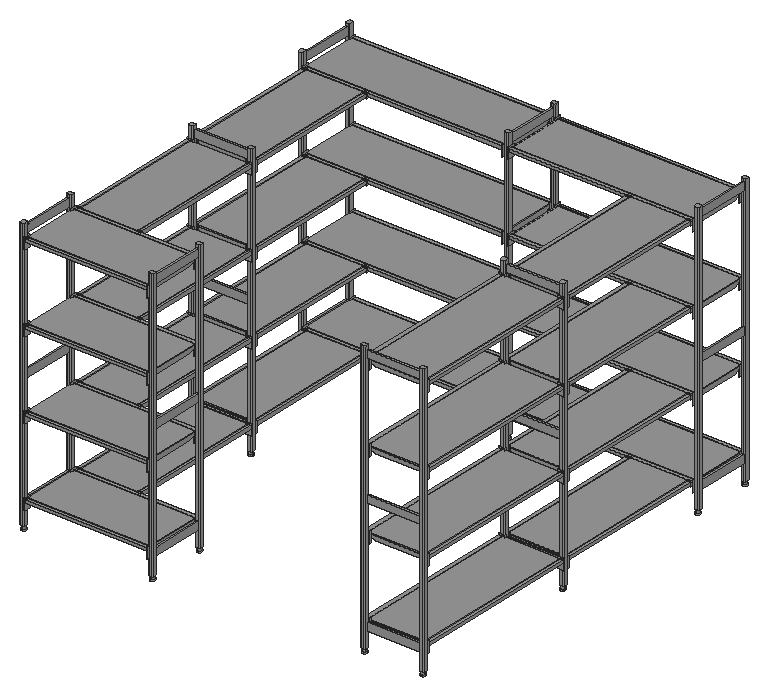
Revit family "QF_ELECTROLUXPROFESSIONAL_137103_CRS2424", category Attrezzature speciali, Revit 2020
Family settings
  Quota connettore circolare = Usa diametro
  Tipo di parte = Normale
  Basato su piano di lavoro = No
  Sempre verticale = Sì
  Taglio con vuoti quando caricato = No
  Condiviso = No
  Punto di calcolo locali = No
Parameters (values of type "Standard")
  Weight = 107.00 kg
  Watts = 0 W
  Volts = 0 V
  URL Manufacturer = "https://www.electroluxprofessional.com/"
  URL = "https://www.electroluxprofessional.com/"
  Steam Supply Size = 0 mm
  Steam Supply Minimum Pressure = 0.0 Pa
  Steam Supply Maximum Pressure = 0.0 Pa
  Steam Consumption per Hour = 0
  Refrigeration Suction Line Size = 0 mm
  Refrigeration Liquid Line Size = 0 mm
  Refrigerant Compressor Remote = yes
  Prospetto di default = 0 mm
  Produttore = "Electrolux Professional"
  Phase = 0
  Modello = "CRS2424"
  Length Actual = 708 mm  # constant formula
  Item Number = "137103"
  Hot Water Size = 0 mm
  Height Actual = 1550 mm  # constant formula
  HP = "0 HP"
  Gas Size = 0 mm
  Gas KW = 0
  Gas Input Pressure = 0 W
  Direct Waste Size = 0 mm
  Descrizione = "ALUM.SHELV.,POLY.TIERS-COLDROOM 243X243"
  Depth Actual = 373 mm  # constant formula
  Cycle = 0 Hz
  Condensate Return Size = 0 mm
  Compressed Air Volume = 0.0 L/s
  Compressed Air Size = 0 mm
  Compressed Air Pressure = 0.0 Pa
  Cold Water Size = 0 mm
  Accessory = yes
Reference planes
  plane 1 "Center (Front/Back)": y = 0
  plane 2: z = 0
  plane 3 "Center (Left/Right)": x = 0
  plane 4: x = -1215
  plane 5: y = 1215
  plane 6: y = -1215
  plane 7: x = 1215
  plane 8: x = -1157
  plane 9: x = 1157
  plane 10: y = 1193
  plane 11: y = -1193
Forms (mm)
  Extrusion 1, solid, material "QF_Clearances", detail levels coarse
    sketch origin (0, 0, 0) x (1, 0, 0) y (0, 1, 0)
      loop
        line (-1215, -1215) -> (1215, -1215) -> (1215, 1215) -> (-1215, 1215) -> (-1215, -1215)
      loop
        line (1157, -1193) -> (1157, 1193) -> (-1157, 1193) -> (-1157, -1193) -> (1157, -1193)
    from 0 to 1590
Lines and regions (mm)
  symbolic lines, style "QF_Clearances"
    curve 1: line (-1215, 1215, 0) -> (-1215, -1215, 0)
    curve 2: line (1215, 1215, 0) -> (-1215, 1215, 0)
    curve 3: line (1215, -1215, 0) -> (1215, 1215, 0)
Dimensions and locks
  equal spacing: plane 5, plane 1 "Center (Front/Back)", plane 6
  plane 5 to plane 6 = 2430 mm
  equal spacing: plane 4, plane 3 "Center (Left/Right)", plane 7
  plane 4 to plane 7 = 2430 mm
  plane 4 to plane 8 = 58 mm  (x2)
  plane 8 to plane 9 = 2314 mm
  plane 11 to plane 6 = 22 mm
  plane 10 to plane 11 = 2386 mm
  Extrusion 1 to nested 3 = 775.5 mm
  aligned and locked: level to plane 2
  aligned and locked: Extrusion 1 sketch curve to plane 4
  aligned and locked: Extrusion 1 sketch curve to plane 5
  aligned and locked: Extrusion 1 sketch curve to plane 7
  aligned and locked: Extrusion 1 sketch curve to plane 8
  aligned and locked: plane 10 to Extrusion 1 sketch curve
  aligned and locked: Extrusion 1 sketch curve to plane 9
  aligned and locked: Extrusion 1 sketch curve to plane 11
  aligned and locked: Extrusion 1 sketch curve to plane 6
Automatic sketch dimensions
  curve 1 to plane 4 = 0 mm
  curve 2 to plane 5 = 0 mm
  curve 2 to plane 7 = 0 mm
  curve 1 to plane 6 = 0 mm
  curve 3 to plane 6 = 0 mm
Nested families
  nested 1: "QF_1152" at (-518, 1170, 0), type "QF_1152"
  nested 2: "QF_1062" at (625, 1170, 0), type "QF_1062"
  nested 3: "QF_708" at (-736.5, -843, 0), type "QF_708"
  nested 4: "QF_798G" at (-905.5, 535.5, 0), type "QF_798G"
  nested 5: "QF_798G" at (-905.5, -535.5, 0), type "QF_798G"
  nested 6: "QF_886G" at (966.5, 447.5, 0), type "QF_886G"
  nested 7: "QF_974" at (772, -562, 0) x (0, 1, 0) z (0, 0, 1), type "QF_974"
Definition of nested family "QF_1152"
  Parameters
    Default Elevation = 0 mm
    Model = "137015"
    Manufacturer = "Electrolux Professional"
    Description = ""
  Reference planes
    plane 1: z = 0
    plane 2 "Center (Left/Right)": x = -31
    plane 3 "LEFT": x = -639
    plane 4 "RIGHT": x = 577
    plane 5 "BACK": y = 23
    plane 6 "FRONT": y = -350
    plane 7 "TOP": z = 1700
    plane 8: x = 572
    plane 9: x = -607
    plane 10: x = 545
    plane 11 "Center (Front/Back)": y = -163.5
    plane 12: x = 540
    plane 13: y = -8.5
    plane 14: y = -318.5
    plane 15 "FEET": z = 25
    plane 16: z = 140
    plane 17: z = 590
    plane 18: z = 1040
    plane 19: z = 1490
    plane 20 "CXLeft": x = -625
    plane 21 "CXRight": x = 563
    plane 22: y = 5.5
    plane 23 "CYBack": y = 5.5
    plane 24 "CYFront": y = -332.5
  Forms (mm)
    Extrusion 1, solid
      sketch origin (-639, 0, 0) x (0, 1, 0) y (0, 0, 1)
        loop
          line (4, 1515.994) -> (4, 1497.998) -> (23, 1497.998) -> (23, 1515.994) -> (4, 1515.994)
        loop
          line (-331, 1515.994) -> (-350, 1515.994) -> (-350, 1497.998) -> (-331, 1497.998) -> (-331, 1515.994)
        loop
          line (4, 1065.994) -> (4, 1047.998) -> (23, 1047.998) -> (23, 1065.994) -> (4, 1065.994)
        loop
          line (-331, 1065.994) -> (-350, 1065.994) -> (-350, 1047.998) -> (-331, 1047.998) -> (-331, 1065.994)
        loop
          line (4, 615.994) -> (4, 597.998) -> (23, 597.998) -> (23, 615.994) -> (4, 615.994)
        loop
          line (-331, 615.994) -> (-350, 615.994) -> (-350, 597.998) -> (-331, 597.998) -> (-331, 615.994)
        loop
          line (4, 165.994) -> (4, 147.998) -> (23, 147.998) -> (23, 165.994) -> (4, 165.994)
        loop
          line (-331, 165.994) -> (-350, 165.994) -> (-350, 147.998) -> (-331, 147.998) -> (-331, 165.994)
      from 32 to 1184
    Extrusion 2, solid
      sketch origin (-639, 0, 135) x (0, 1, 0) y (0, 0, 1)
        loop
          line (2.007, 1380.994) -> (-329, 1380.994) -> (-329, 1374.496) -> (2.007, 1374.496) -> (2.007, 1380.994)
        loop
          line (2.007, 930.994) -> (-329, 930.994) -> (-329, 924.496) -> (2.007, 924.496) -> (2.007, 930.994)
        loop
          line (2.007, 480.994) -> (-329, 480.994) -> (-329, 474.496) -> (2.007, 474.496) -> (2.007, 480.994)
        loop
          line (2.007, 30.994) -> (-329, 30.994) -> (-329, 24.496) -> (2.007, 24.496) -> (2.007, 30.994)
      from 32 to 1184
    Extrusion 3, solid
      sketch origin (577, 0, 135) x (0, 1, 0) y (0, 0, 1)
        loop
          line (-12, 1362.998) -> (4, 1362.998) -> (4, 1380.994) -> (2.007, 1380.994) -> (2.007, 1374.496) -> (-329, 1374.496) -> (-329, 1380.994) -> (-331, 1380.994) -> (-331, 1362.998) -> (-315, 1362.998) -> (-281, 1350.994) -> (-46, 1350.994) -> (-12, 1362.998)
        loop
          line (-12, 912.998) -> (4, 912.998) -> (4, 930.994) -> (2.007, 930.994) -> (2.007, 924.496) -> (-329, 924.496) -> (-329, 930.994) -> (-331, 930.994) -> (-331, 912.998) -> (-315, 912.998) -> (-281, 900.994) -> (-46, 900.994) -> (-12, 912.998)
        loop
          line (-12, 462.998) -> (4, 462.998) -> (4, 480.994) -> (2.007, 480.994) -> (2.007, 474.496) -> (-329, 474.496) -> (-329, 480.994) -> (-331, 480.994) -> (-331, 462.998) -> (-315, 462.998) -> (-281, 450.994) -> (-46, 450.994) -> (-12, 462.998)
        loop
          line (-12, 12.998) -> (4, 12.998) -> (4, 30.994) -> (2.007, 30.994) -> (2.007, 24.496) -> (-329, 24.496) -> (-329, 30.994) -> (-331, 30.994) -> (-331, 12.998) -> (-315, 12.998) -> (-281, 0.994) -> (-46, 0.994) -> (-12, 12.998)
      from -32 to -37
  Lines and regions (mm)
    symbolic lines
      curve 1: line (545, 4, 1700) -> (-607, 4, 1700)
      curve 2: line (-611, 23, 1700) -> (549, 23, 1700)
      curve 3: line (549, 13.246, 1700) -> (555.254, 19.5, 1700)
      curve 4: line (555.254, -8.5, 1700) -> (549, -2.246, 1700)
      curve 5: line (555.254, -318.5, 1700) -> (549, -324.754, 1700)
      curve 6: line (-611, -350, 1700) -> (549, -350, 1700)
      curve 7: line (549, 23, 1700) -> (549, -12.993, 1700)
      curve 8: line (549, -12.993, 1700) -> (545, -12.993, 1700)
      curve 9: line (549, -350, 1700) -> (549, -314.007, 1700)
      curve 10: line (549, -314.007, 1700) -> (545, -314.007, 1700)
      curve 11: line (-607, -12.993, 1700) -> (-607, -314.007, 1700)
      curve 12: line (-607, -331, 1700) -> (545, -331, 1700)
      curve 13: line (545, -12.993, 1700) -> (545, -314.007, 1700)
  Dimensions and locks
    locked: plane 3 "LEFT" to plane 4 "RIGHT" at 1216
    equal spacing: plane 3 "LEFT", plane 2 "Center (Left/Right)", plane 4 "RIGHT"
    locked: plane 7 "TOP" to level at 1700
    locked: plane 5 "BACK" to plane 6 "FRONT" at 373
    locked: plane 4 "RIGHT" to plane 8 at 5
    locked: plane 9 to plane 10 at 1152
    locked: plane 3 "LEFT" to plane 9 at 32
    plane 12 to plane 10 = 5 mm
    locked: plane 13 to plane 14 at 310
    equal spacing: plane 13, plane 11 "Center (Front/Back)", plane 14
    equal spacing: plane 5 "BACK", plane 11 "Center (Front/Back)", plane 6 "FRONT"
    plane 15 "FEET" to level = 25 mm
    plane 7 "TOP" to plane 15 "FEET" = 1675 mm
    plane 17 to plane 16 = 450 mm
    plane 18 to plane 17 = 450 mm
    plane 19 to plane 18 = 450 mm
    locked: plane 3 "LEFT" to plane 20 "CXLeft" at 14
    locked: plane 21 "CXRight" to plane 4 "RIGHT" at 14
    locked: plane 5 "BACK" to plane 23 "CYBack" at 17.5
    locked: plane 24 "CYFront" to plane 6 "FRONT" at 17.5
    plane 16 to level = 140 mm
    plane 17 to level = 590 mm
    plane 18 to level = 1040 mm
    plane 19 to level = 1490 mm
    aligned and locked: level to plane 1
    aligned and locked: plane 9 to Extrusion 2
    aligned and locked: Extrusion 2 to plane 10
    aligned and locked: plane 9 to Extrusion 1
    aligned and locked: Extrusion 1 to plane 10
    aligned and locked: Extrusion 1 sketch curve to Extrusion 1 sketch curve  (x2)
    aligned and locked: Extrusion 3 sketch curve to Extrusion 3 sketch curve  (x3)
    aligned and locked: Extrusion 3 to plane 12
    aligned and locked: Extrusion 3 to plane 10
    aligned and locked: plane 20 "CXLeft" to nested 1
    aligned and locked: plane 21 "CXRight" to nested 2
  Automatic sketch dimensions
    Extrusion 1 sketch curve to plane 6 "FRONT" = 0 mm  (x4)
    Extrusion 1 sketch curve to plane 5 "BACK" = 0 mm  (x4)
    plane 24 "CYFront" to Extrusion 1 sketch curve = 1.5 mm  (x2)
    plane 22 to Extrusion 1 sketch curve = 1.5 mm  (x4)
    plane 16 to Extrusion 1 sketch curve = 7.998 mm  (x2)
    Extrusion 1 sketch curve to Extrusion 1 sketch curve = 17.997 mm  (x8)
    plane 17 to Extrusion 1 sketch curve = 7.998 mm  (x2)
    plane 18 to Extrusion 1 sketch curve = 7.998 mm  (x2)
    plane 19 to Extrusion 1 sketch curve = 7.998 mm  (x2)
    plane 24 "CYFront" to Extrusion 2 sketch curve = 3.5 mm  (x4)
    plane 22 to Extrusion 2 sketch curve = 3.493 mm  (x4)
    plane 16 to Extrusion 2 sketch curve = 19.496 mm
    Extrusion 2 sketch curve to Extrusion 2 sketch curve = 6.499 mm  (x4)
    plane 17 to Extrusion 2 sketch curve = 19.496 mm
    plane 18 to Extrusion 2 sketch curve = 19.496 mm
    plane 19 to Extrusion 2 sketch curve = 19.496 mm
    plane 24 "CYFront" to Extrusion 3 sketch curve = 1.5 mm  (x4)
    Extrusion 3 sketch curve to Extrusion 3 sketch curve = 2 mm
    plane 14 to Extrusion 3 sketch curve = 3.5 mm  (x4)
    Extrusion 3 sketch curve to plane 16 = 4.006 mm
    Extrusion 3 sketch curve to Extrusion 3 sketch curve = 34 mm  (x4)
    Extrusion 3 sketch curve to plane 17 = 4.006 mm
    Extrusion 3 sketch curve to plane 18 = 4.006 mm
    Extrusion 3 sketch curve to plane 19 = 4.006 mm
    Extrusion 3 sketch curve to plane 13 = 37.5 mm  (x4)
    Extrusion 3 sketch curve to plane 13 = 3.5 mm  (x4)
    plane 22 to Extrusion 3 sketch curve = 3.493 mm  (x4)
    plane 22 to Extrusion 3 sketch curve = 1.5 mm  (x4)
    plane 16 to Extrusion 3 sketch curve = 7.998 mm  (x2)
    Extrusion 3 sketch curve to Extrusion 3 sketch curve = 11.498 mm  (x4)
    Extrusion 3 sketch curve to Extrusion 3 sketch curve = 6.499 mm  (x8)
    plane 17 to Extrusion 3 sketch curve = 7.998 mm  (x2)
    plane 18 to Extrusion 3 sketch curve = 7.998 mm  (x2)
    plane 19 to Extrusion 3 sketch curve = 7.998 mm  (x2)
    curve 6 to plane 6 "FRONT" = 0 mm
    curve 12 to plane 9 = 0 mm
    curve 12 to plane 10 = 0 mm
    curve 5 to plane 14 = 0 mm
    curve 11 to plane 9 = 0 mm
    curve 8 to plane 10 = 0 mm
    curve 4 to plane 13 = 0 mm
    curve 1 to plane 9 = 0 mm
    curve 1 to plane 10 = 0 mm
    curve 2 to plane 5 "BACK" = 0 mm
    plane 14 to curve 10 = 4.493 mm
    curve 7 to plane 13 = 4.493 mm
    curve 10 to plane 10 = 4 mm
    curve 7 to plane 10 = 4 mm
    plane 24 "CYFront" to curve 12 = 1.5 mm
    curve 5 to plane 14 = 6.254 mm
    plane 14 to curve 11 = 4.493 mm
    curve 11 to plane 13 = 4.493 mm
    plane 13 to curve 4 = 6.254 mm
    plane 22 to curve 1 = 1.5 mm
    curve 3 to plane 22 = 7.746 mm
    curve 3 to plane 5 "BACK" = 3.5 mm
    curve 5 to curve 9 = 6.254 mm
    curve 3 to curve 2 = 6.254 mm
    curve 4 to curve 7 = 6.254 mm
    plane 9 to curve 2 = 4 mm
    plane 9 to curve 6 = 4 mm
  Nested families
    nested 1: "WT_Anta373B" at (-222, 0, 0), type "WT_Anta373B"
    nested 2: "WT_Anta373B" at (160, 0, 0) x (-1, 0, 0) z (0, 0, 1), type "WT_Anta373B"
  Definition of nested family "WT_Anta373B"
    Parameters
      WidthLeft = A + 64 mm  # 772 mm
      Width = 1606 mm
      Right = WidthLeft / 2  # 386 mm
      Default Elevation = 0 mm
      Left = -WidthLeft / 2  # -386 mm
      Height = 1590 mm
      FEET = 25 mm
      E = 0 mm
      Dint = Depth - 63 mm  # 310 mm
      Dext = Depth - 8 mm  # 365 mm
      Depth = 373 mm
      DX = (WidthLeft - A) / 2  # 32 mm
      B = 798 mm
      A = 708 mm
    Reference planes
      plane 1: z = 0
      plane 2 "LEFT": x = -417
      plane 3 "BACK": y = 23
      plane 4 "FRONT": y = -350
      plane 5 "TOP": z = 1590
      plane 6 "Center (Front/Back)": y = -163.5
      plane 7: y = -8.5
      plane 8: y = -318.5
      plane 9 "FEET": z = 25
      plane 10: z = 140
      plane 11: z = 590
      plane 12: z = 1040
      plane 13: z = 1490
      plane 14 "CXLeft": x = -403
      plane 15: y = 5.5
      plane 16 "CYBack": y = 5.5
      plane 17 "CYFront": y = -332.5
      plane 18: x = -385.031
      plane 19: x = -380.031
    Forms (mm)
      Extrusion 1, solid
        sketch origin (0, 0, 0) x (1, 0, 0) y (0, 1, 0)
          loop
            line (-417, 13.246) -> (-417, -2.246) -> (-410.746, -8.5) -> (-395.254, -8.5) -> (-389, -2.246) -> (-389, 13.246) -> (-395.254, 19.5) -> (-410.746, 19.5) -> (-417, 13.246)
        from 1590 to 25
      Extrusion 2, solid
        sketch origin (-417, 0, 0) x (0, 1, 0) y (0, 0, 1)
          loop
            line (23, 111.005) -> (23, 172.993) -> (-12.993, 172.993) -> (-12.993, 111.005) -> (23, 111.005)
          loop
            line (-350, 111.005) -> (-314.007, 111.005) -> (-314.007, 172.993) -> (-350, 172.993) -> (-350, 111.005)
          loop
            line (23, 561.005) -> (23, 622.993) -> (-12.993, 622.993) -> (-12.993, 561.005) -> (23, 561.005)
          loop
            line (-350, 561.005) -> (-314.007, 561.005) -> (-314.007, 622.993) -> (-350, 622.993) -> (-350, 561.005)
          loop
            line (23, 1011.005) -> (23, 1072.993) -> (-12.993, 1072.993) -> (-12.993, 1011.005) -> (23, 1011.005)
          loop
            line (-350, 1011.005) -> (-314.007, 1011.005) -> (-314.007, 1072.993) -> (-350, 1072.993) -> (-350, 1011.005)
          loop
            line (23, 1461.005) -> (23, 1522.993) -> (-12.993, 1522.993) -> (-12.993, 1461.005) -> (23, 1461.005)
          loop
            line (-350, 1461.005) -> (-314.007, 1461.005) -> (-314.007, 1522.993) -> (-350, 1522.993) -> (-350, 1461.005)
        from 28 to 32
      Revolve 3, solid
        sketch origin (-403, 0, 0) x (0, 1, 0) y (0, 0, 1)
          loop
            line (5.5, 25) -> (5.5, 0) -> (19, 0) -> (19, 5) -> (14, 5) -> (14, 25) -> (5.5, 25)
          axis (5.5, 25) -> (5.5, 0)
        angle from 0 to 360
      Extrusion 4, solid
        sketch origin (-403, 0, 0) x (0, 1, 0) y (0, 0, 1)
          loop
            line (-8.5, 777.382) -> (-8.5, 822.374) -> (-318.5, 822.374) -> (-318.5, 777.382) -> (-8.5, 777.382)
          loop
            line (-8.5, 1527.244) -> (-8.5, 1572.236) -> (-318.5, 1572.236) -> (-318.5, 1527.244) -> (-8.5, 1527.244)
        from -5 to 5
      Revolve 5, solid
        sketch origin (-403, -627, 0) x (0, -1, 0) y (0, 0, 1)
          loop
            line (-294.5, 25) -> (-294.5, 0) -> (-281, 0) -> (-281, 5) -> (-286, 5) -> (-286, 25) -> (-294.5, 25)
          axis (-294.5, 25) -> (-294.5, 0)
        angle from 0 to 360
      Extrusion 6, solid
        sketch origin (0, -627, 0) x (1, 0, 0) y (0, 1, 0)
          loop
            line (-417, 286.754) -> (-410.746, 280.5) -> (-395.254, 280.5) -> (-389, 286.754) -> (-389, 302.246) -> (-395.254, 308.5) -> (-410.746, 308.5) -> (-417, 302.246) -> (-417, 286.754)
        from 1590 to 25
      Extrusion 7, solid
        sketch origin (-417.031, -0.022, 0) x (0, 1, 0) y (0, 0, -1)
          loop
            line (-12, -1497.998) -> (-46, -1485.994) -> (-281, -1485.994) -> (-315, -1497.998) -> (-331, -1497.998) -> (-331, -1515.994) -> (-329, -1515.994) -> (-329, -1509.496) -> (2.007, -1509.496) -> (2.007, -1515.994) -> (4, -1515.994) -> (4, -1497.998) -> (-12, -1497.998)
          loop
            line (-12, -1047.998) -> (-46, -1035.994) -> (-281, -1035.994) -> (-315, -1047.998) -> (-331, -1047.998) -> (-331, -1065.994) -> (-329, -1065.994) -> (-329, -1059.496) -> (2.007, -1059.496) -> (2.007, -1065.994) -> (4, -1065.994) -> (4, -1047.998) -> (-12, -1047.998)
          loop
            line (-12, -597.998) -> (-46, -585.994) -> (-281, -585.994) -> (-315, -597.998) -> (-331, -597.998) -> (-331, -615.994) -> (-329, -615.994) -> (-329, -609.496) -> (2.007, -609.496) -> (2.007, -615.994) -> (4, -615.994) -> (4, -597.998) -> (-12, -597.998)
          loop
            line (-12, -147.998) -> (-46, -135.994) -> (-281, -135.994) -> (-315, -147.998) -> (-331, -147.998) -> (-331, -165.994) -> (-329, -165.994) -> (-329, -159.496) -> (2.007, -159.496) -> (2.007, -165.994) -> (4, -165.994) -> (4, -147.998) -> (-12, -147.998)
        from -32 to -37
      Extrusion 8, solid
        sketch origin (-403, 0, -659.878) x (0, 1, 0) y (0, 0, 1)
          loop
            line (-8.5, 777.382) -> (-8.5, 822.374) -> (-318.5, 822.374) -> (-318.5, 777.382) -> (-8.5, 777.382)
          loop
            line (-8.5, 1437.382) -> (-8.5, 1482.374) -> (-318.5, 1482.374) -> (-318.5, 1437.382) -> (-8.5, 1437.382)
          loop
            line (-8.5, 2187.382) -> (-8.5, 2232.374) -> (-318.5, 2232.374) -> (-318.5, 2187.382) -> (-8.5, 2187.382)
        from -5 to 5
    Lines and regions (mm)
      symbolic lines
        curve 1: line (-408, -8.5, 1590) -> (-408, -318.5, 1590)
        curve 2: line (-398, -318.5, 1590) -> (-398, -8.5, 1590)
        curve 3: line (-395.254, -8.5, 1590) -> (-410.746, -8.5, 1590)
        curve 4: line (-417, -2.246, 1590) -> (-410.746, -8.5, 1590)
        curve 5: line (-417, 13.246, 1590) -> (-417, -2.246, 1590)
        curve 6: line (-410.746, 19.5, 1590) -> (-417, 13.246, 1590)
        curve 7: line (-395.254, 19.5, 1590) -> (-410.746, 19.5, 1590)
        curve 8: line (-389, 13.246, 1590) -> (-395.254, 19.5, 1590)
        curve 9: line (-395.254, -8.5, 1590) -> (-389, -2.246, 1590)
        curve 10: line (-395.254, -318.5, 1590) -> (-410.746, -318.5, 1590)
        curve 11: line (-417, -324.754, 1590) -> (-410.746, -318.5, 1590)
        curve 12: line (-410.746, -346.5, 1590) -> (-417, -340.246, 1590)
        curve 13: line (-395.254, -346.5, 1590) -> (-410.746, -346.5, 1590)
        curve 14: line (-389, -340.246, 1590) -> (-395.254, -346.5, 1590)
        curve 15: line (-395.254, -318.5, 1590) -> (-389, -324.754, 1590)
        curve 16: line (-389, -350, 1590) -> (-389, -314.007, 1590)
        curve 17: line (-389, -314.007, 1590) -> (-385, -314.007, 1590)
        curve 18: line (-389, 23, 1590) -> (-389, -12.993, 1590)
        curve 19: line (-389, -12.993, 1590) -> (-385, -12.993, 1590)
        curve 20: line (-417, -324.754, 1590) -> (-417, -340.246, 1590)
        curve 21: line (-385, -350, 1590) -> (-385, -314.007, 1590)
        curve 22: line (-385, -350, 1590) -> (-389, -350, 1590)
        curve 23: line (-385, 23, 1590) -> (-389, 23, 1590)
        curve 24: line (-385, -12.993, 1590) -> (-385, 23, 1590)
        curve 25: line (-385.031, -13.016, 1725) -> (-385.031, -314.029, 1725)
    Dimensions and locks
      "Depth": plane 3 "BACK" to plane 4 "FRONT"
      "Dint": plane 7 to plane 8
      equal spacing: plane 7, plane 6 "Center (Front/Back)", plane 8
      equal spacing: plane 3 "BACK", plane 6 "Center (Front/Back)", plane 4 "FRONT"
      plane 9 "FEET" to level = 25 mm
      plane 10 to plane 9 "FEET" = 115 mm
      plane 11 to plane 10 = 450 mm
      plane 12 to plane 11 = 450 mm
      plane 13 to plane 12 = 450 mm
      locked: plane 2 "LEFT" to plane 14 "CXLeft" at 14
      locked: plane 3 "BACK" to plane 16 "CYBack" at 17.5
      locked: plane 17 "CYFront" to plane 4 "FRONT" at 17.5
      locked: Revolve 3 sketch curve to Revolve 3 sketch curve at 8.5
      locked: Revolve 3 sketch curve to plane 16 "CYBack" at 13.5
      locked: Revolve 5 sketch curve to Revolve 5 sketch curve at 8.5
      plane 10 to level = 140 mm
      plane 11 to level = 590 mm
      plane 12 to level = 1040 mm
      plane 13 to level = 1490 mm
      "Height": plane 5 "TOP" to level
      aligned and locked: level to plane 1
      aligned and locked: curve 20 to Extrusion 6
      aligned and locked: plane 5 "TOP" to Extrusion 1
      aligned and locked: plane 5 "TOP" to Extrusion 6
      aligned and locked: Extrusion 7 sketch curve to Extrusion 7 sketch curve  (x3)
    Automatic sketch dimensions
      curve 16 to plane 4 "FRONT" = 0 mm
      curve 11 to plane 8 = 0 mm
      curve 9 to plane 7 = 0 mm
      curve 5 to plane 2 "LEFT" = 0 mm
      curve 23 to plane 3 "BACK" = 0 mm
      plane 4 "FRONT" to curve 13 = 3.5 mm
      curve 20 to plane 17 "CYFront" = 7.746 mm
      curve 20 to plane 8 = 6.254 mm
      plane 8 to curve 16 = 4.493 mm
      curve 24 to plane 18 = 0.031 mm
      curve 24 to plane 7 = 4.493 mm
      plane 7 to curve 5 = 6.254 mm
      curve 5 to plane 15 = 7.746 mm
      curve 6 to plane 3 "BACK" = 3.5 mm
      curve 21 to plane 18 = 0.031 mm
      plane 18 to curve 23 = 3.969 mm
      plane 18 to curve 16 = 3.969 mm
      curve 18 to curve 8 = 6.254 mm
      curve 18 to curve 3 = 6.254 mm
      curve 16 to curve 13 = 6.254 mm
      curve 16 to curve 15 = 6.254 mm
      plane 2 "LEFT" to curve 10 = 6.254 mm
      plane 2 "LEFT" to curve 7 = 6.254 mm
      plane 2 "LEFT" to curve 12 = 6.254 mm
      plane 2 "LEFT" to curve 3 = 6.254 mm
      curve 14 to plane 17 "CYFront" = 7.746 mm
      curve 15 to plane 8 = 6.254 mm
      plane 7 to curve 9 = 6.254 mm
      curve 8 to plane 15 = 7.746 mm
      curve 3 to curve 2 = 2.746 mm
      curve 1 to curve 10 = 2.746 mm
      Extrusion 1 sketch curve to plane 2 "LEFT" = 0 mm
      Extrusion 1 sketch curve to plane 7 = 0 mm
      plane 2 "LEFT" to Extrusion 1 sketch curve = 6.254 mm  (x2)
      plane 14 "CXLeft" to Extrusion 1 sketch curve = 7.746 mm  (x2)
      Extrusion 1 sketch curve to plane 3 "BACK" = 3.5 mm
      plane 18 to Extrusion 1 sketch curve = 3.969 mm
      plane 7 to Extrusion 1 sketch curve = 6.254 mm  (x2)
      Extrusion 1 sketch curve to plane 15 = 7.746 mm  (x2)
      Extrusion 2 sketch curve to plane 4 "FRONT" = 0 mm  (x4)
      Extrusion 2 sketch curve to plane 3 "BACK" = 0 mm  (x4)
      plane 8 to Extrusion 2 sketch curve = 4.493 mm  (x4)
      Extrusion 2 sketch curve to plane 7 = 4.493 mm  (x4)
      Extrusion 2 sketch curve to plane 10 = 28.995 mm  (x2)
      plane 10 to Extrusion 2 sketch curve = 32.993 mm  (x2)
      Extrusion 2 sketch curve to plane 11 = 28.995 mm  (x2)
      plane 11 to Extrusion 2 sketch curve = 32.993 mm  (x2)
      Extrusion 2 sketch curve to plane 12 = 28.995 mm  (x2)
      plane 12 to Extrusion 2 sketch curve = 32.993 mm  (x2)
      Extrusion 2 sketch curve to plane 13 = 28.995 mm  (x2)
      plane 13 to Extrusion 2 sketch curve = 32.993 mm  (x2)
      Revolve 3 sketch curve to plane 9 "FEET" = 0 mm  (x2)
      Revolve 3 sketch curve to plane 15 = 0 mm  (x2)
      Revolve 3 sketch curve to level = 0 mm
      level to Revolve 3 sketch curve = 5 mm
      Revolve 3 sketch curve to Revolve 3 sketch curve = 11.655 mm
      Extrusion 4 sketch curve to plane 8 = 0 mm  (x2)
      Extrusion 4 sketch curve to plane 7 = 0 mm  (x2)
      plane 11 to Extrusion 4 sketch curve = 187.382 mm
      Extrusion 4 sketch curve to Extrusion 4 sketch curve = 44.992 mm
      plane 13 to Extrusion 4 sketch curve = 37.244 mm
      Extrusion 4 sketch curve to plane 5 "TOP" = 17.764 mm
      Revolve 5 sketch curve to plane 9 "FEET" = 0 mm  (x2)
      Revolve 5 sketch curve to plane 17 "CYFront" = 0 mm  (x2)
      Revolve 5 sketch curve to level = 0 mm
      Revolve 5 sketch curve to plane 4 "FRONT" = 4 mm
      Revolve 5 sketch curve to Revolve 5 sketch curve = 5 mm
      level to Revolve 5 sketch curve = 11.655 mm
      Extrusion 6 sketch curve to plane 2 "LEFT" = 0 mm
      Extrusion 6 sketch curve to plane 8 = 0 mm
      Extrusion 6 sketch curve to plane 2 "LEFT" = 6.254 mm  (x2)
      Extrusion 6 sketch curve to plane 14 "CXLeft" = 7.746 mm  (x2)
      Extrusion 6 sketch curve to plane 4 "FRONT" = 3.5 mm
      Extrusion 6 sketch curve to plane 18 = 3.969 mm
      plane 8 to Extrusion 6 sketch curve = 6.254 mm  (x2)
      plane 17 "CYFront" to Extrusion 6 sketch curve = 7.746 mm  (x2)
      plane 17 "CYFront" to Extrusion 7 sketch curve = 1.478 mm  (x4)
      Extrusion 7 sketch curve to Extrusion 7 sketch curve = 2 mm
      plane 8 to Extrusion 7 sketch curve = 3.478 mm  (x4)
      Extrusion 7 sketch curve to plane 10 = 4.006 mm
      Extrusion 7 sketch curve to Extrusion 7 sketch curve = 34 mm  (x4)
      Extrusion 7 sketch curve to plane 11 = 4.006 mm
      Extrusion 7 sketch curve to plane 12 = 4.006 mm
      Extrusion 7 sketch curve to plane 13 = 4.006 mm
      Extrusion 7 sketch curve to plane 7 = 37.522 mm  (x4)
      Extrusion 7 sketch curve to plane 7 = 3.522 mm  (x4)
      plane 15 to Extrusion 7 sketch curve = 3.516 mm  (x4)
      plane 15 to Extrusion 7 sketch curve = 1.522 mm  (x4)
      plane 13 to Extrusion 7 sketch curve = 7.998 mm  (x2)
      Extrusion 7 sketch curve to Extrusion 7 sketch curve = 11.498 mm
      Extrusion 7 sketch curve to Extrusion 7 sketch curve = 6.499 mm  (x5)
      plane 12 to Extrusion 7 sketch curve = 25.994 mm  (x2)
      plane 12 to Extrusion 7 sketch curve = 7.998 mm  (x2)
      plane 11 to Extrusion 7 sketch curve = 25.994 mm  (x2)
      plane 11 to Extrusion 7 sketch curve = 7.998 mm  (x2)
      plane 10 to Extrusion 7 sketch curve = 25.994 mm  (x2)
      plane 10 to Extrusion 7 sketch curve = 7.998 mm  (x2)
      curve 25 to plane 18 = 0 mm
      plane 8 to curve 25 = 4.471 mm
      curve 25 to plane 7 = 4.516 mm
      Extrusion 8 sketch curve to plane 8 = 0 mm  (x3)
      Extrusion 8 sketch curve to plane 7 = 0 mm  (x3)
      Extrusion 8 sketch curve to plane 10 = 22.496 mm
      plane 10 to Extrusion 8 sketch curve = 22.496 mm
      plane 11 to Extrusion 8 sketch curve = 187.504 mm
      Extrusion 8 sketch curve to Extrusion 8 sketch curve = 44.992 mm
      plane 13 to Extrusion 8 sketch curve = 37.504 mm
      Extrusion 8 sketch curve to plane 5 "TOP" = 17.504 mm
Definition of nested family "QF_1062"
  Parameters
    Default Elevation = 0 mm
    Model = "137014"
    Manufacturer = "Electrolux Professional"
    Description = ""
  Reference planes
    plane 1: z = 0
    plane 2 "Center (Left/Right)": x = -31
    plane 3 "LEFT": x = -594
    plane 4 "RIGHT": x = 532
    plane 5 "BACK": y = 23
    plane 6 "FRONT": y = -350
    plane 7 "TOP": z = 1700
    plane 8: x = 527
    plane 9: x = -562
    plane 10: x = 500
    plane 11 "Center (Front/Back)": y = -163.5
    plane 12: x = 495
    plane 13: y = -8.5
    plane 14: y = -318.5
    plane 15 "FEET": z = 25
    plane 16: z = 140
    plane 17: z = 590
    plane 18: z = 1040
    plane 19: z = 1490
    plane 20 "CXLeft": x = -580
    plane 21 "CXRight": x = 518
    plane 22: y = 5.5
    plane 23 "CYBack": y = 5.5
    plane 24 "CYFront": y = -332.5
  Forms (mm)
    Extrusion 1, solid
      sketch origin (-594, 0, 0) x (0, 1, 0) y (0, 0, 1)
        loop
          line (4, 1515.994) -> (4, 1497.998) -> (23, 1497.998) -> (23, 1515.994) -> (4, 1515.994)
        loop
          line (-331, 1515.994) -> (-350, 1515.994) -> (-350, 1497.998) -> (-331, 1497.998) -> (-331, 1515.994)
        loop
          line (4, 1065.994) -> (4, 1047.998) -> (23, 1047.998) -> (23, 1065.994) -> (4, 1065.994)
        loop
          line (-331, 1065.994) -> (-350, 1065.994) -> (-350, 1047.998) -> (-331, 1047.998) -> (-331, 1065.994)
        loop
          line (4, 615.994) -> (4, 597.998) -> (23, 597.998) -> (23, 615.994) -> (4, 615.994)
        loop
          line (-331, 615.994) -> (-350, 615.994) -> (-350, 597.998) -> (-331, 597.998) -> (-331, 615.994)
        loop
          line (4, 165.994) -> (4, 147.998) -> (23, 147.998) -> (23, 165.994) -> (4, 165.994)
        loop
          line (-331, 165.994) -> (-350, 165.994) -> (-350, 147.998) -> (-331, 147.998) -> (-331, 165.994)
      from 32 to 1094
    Extrusion 2, solid
      sketch origin (-594, 0, 135) x (0, 1, 0) y (0, 0, 1)
        loop
          line (2.007, 1380.994) -> (-329, 1380.994) -> (-329, 1374.496) -> (2.007, 1374.496) -> (2.007, 1380.994)
        loop
          line (2.007, 930.994) -> (-329, 930.994) -> (-329, 924.496) -> (2.007, 924.496) -> (2.007, 930.994)
        loop
          line (2.007, 480.994) -> (-329, 480.994) -> (-329, 474.496) -> (2.007, 474.496) -> (2.007, 480.994)
        loop
          line (2.007, 30.994) -> (-329, 30.994) -> (-329, 24.496) -> (2.007, 24.496) -> (2.007, 30.994)
      from 32 to 1094
    Extrusion 3, solid
      sketch origin (532, 0, 135) x (0, 1, 0) y (0, 0, 1)
        loop
          line (-12, 1362.998) -> (4, 1362.998) -> (4, 1380.994) -> (2.007, 1380.994) -> (2.007, 1374.496) -> (-329, 1374.496) -> (-329, 1380.994) -> (-331, 1380.994) -> (-331, 1362.998) -> (-315, 1362.998) -> (-281, 1350.994) -> (-46, 1350.994) -> (-12, 1362.998)
        loop
          line (-12, 912.998) -> (4, 912.998) -> (4, 930.994) -> (2.007, 930.994) -> (2.007, 924.496) -> (-329, 924.496) -> (-329, 930.994) -> (-331, 930.994) -> (-331, 912.998) -> (-315, 912.998) -> (-281, 900.994) -> (-46, 900.994) -> (-12, 912.998)
        loop
          line (-12, 462.998) -> (4, 462.998) -> (4, 480.994) -> (2.007, 480.994) -> (2.007, 474.496) -> (-329, 474.496) -> (-329, 480.994) -> (-331, 480.994) -> (-331, 462.998) -> (-315, 462.998) -> (-281, 450.994) -> (-46, 450.994) -> (-12, 462.998)
        loop
          line (-12, 12.998) -> (4, 12.998) -> (4, 30.994) -> (2.007, 30.994) -> (2.007, 24.496) -> (-329, 24.496) -> (-329, 30.994) -> (-331, 30.994) -> (-331, 12.998) -> (-315, 12.998) -> (-281, 0.994) -> (-46, 0.994) -> (-12, 12.998)
      from -32 to -37
  Lines and regions (mm)
    symbolic lines
      curve 1: line (500, 4, 1700) -> (-562, 4, 1700)
      curve 2: line (-566, 23, 1700) -> (504, 23, 1700)
      curve 3: line (504, 13.246, 1700) -> (510.254, 19.5, 1700)
      curve 4: line (510.254, -8.5, 1700) -> (504, -2.246, 1700)
      curve 5: line (510.254, -318.5, 1700) -> (504, -324.754, 1700)
      curve 6: line (-566, -350, 1700) -> (504, -350, 1700)
      curve 7: line (504, 23, 1700) -> (504, -12.993, 1700)
      curve 8: line (504, -12.993, 1700) -> (500, -12.993, 1700)
      curve 9: line (504, -350, 1700) -> (504, -314.007, 1700)
      curve 10: line (504, -314.007, 1700) -> (500, -314.007, 1700)
      curve 11: line (-562, -12.993, 1700) -> (-562, -314.007, 1700)
      curve 12: line (-562, -331, 1700) -> (500, -331, 1700)
      curve 13: line (500, -12.993, 1700) -> (500, -314.007, 1700)
  Dimensions and locks
    locked: plane 3 "LEFT" to plane 4 "RIGHT" at 1126
    equal spacing: plane 3 "LEFT", plane 2 "Center (Left/Right)", plane 4 "RIGHT"
    locked: plane 7 "TOP" to level at 1700
    locked: plane 5 "BACK" to plane 6 "FRONT" at 373
    locked: plane 4 "RIGHT" to plane 8 at 5
    locked: plane 9 to plane 10 at 1062
    locked: plane 3 "LEFT" to plane 9 at 32
    plane 12 to plane 10 = 5 mm
    locked: plane 13 to plane 14 at 310
    equal spacing: plane 13, plane 11 "Center (Front/Back)", plane 14
    equal spacing: plane 5 "BACK", plane 11 "Center (Front/Back)", plane 6 "FRONT"
    plane 15 "FEET" to level = 25 mm
    plane 7 "TOP" to plane 15 "FEET" = 1675 mm
    plane 17 to plane 16 = 450 mm
    plane 18 to plane 17 = 450 mm
    plane 19 to plane 18 = 450 mm
    locked: plane 3 "LEFT" to plane 20 "CXLeft" at 14
    locked: plane 21 "CXRight" to plane 4 "RIGHT" at 14
    locked: plane 5 "BACK" to plane 23 "CYBack" at 17.5
    locked: plane 24 "CYFront" to plane 6 "FRONT" at 17.5
    plane 16 to level = 140 mm
    plane 17 to level = 590 mm
    plane 18 to level = 1040 mm
    plane 19 to level = 1490 mm
    aligned and locked: level to plane 1
    aligned and locked: plane 9 to Extrusion 2
    aligned and locked: Extrusion 2 to plane 10
    aligned and locked: plane 9 to Extrusion 1
    aligned and locked: Extrusion 1 to plane 10
    aligned and locked: Extrusion 1 sketch curve to Extrusion 1 sketch curve  (x2)
    aligned and locked: Extrusion 3 sketch curve to Extrusion 3 sketch curve  (x3)
    aligned and locked: Extrusion 3 to plane 12
    aligned and locked: Extrusion 3 to plane 10
    aligned and locked: plane 20 "CXLeft" to nested 1
    aligned and locked: plane 21 "CXRight" to nested 2
  Automatic sketch dimensions
    Extrusion 1 sketch curve to plane 6 "FRONT" = 0 mm  (x4)
    Extrusion 1 sketch curve to plane 5 "BACK" = 0 mm  (x4)
    plane 24 "CYFront" to Extrusion 1 sketch curve = 1.5 mm  (x2)
    plane 22 to Extrusion 1 sketch curve = 1.5 mm  (x4)
    plane 16 to Extrusion 1 sketch curve = 7.998 mm  (x2)
    Extrusion 1 sketch curve to Extrusion 1 sketch curve = 17.997 mm  (x8)
    plane 17 to Extrusion 1 sketch curve = 7.998 mm  (x2)
    plane 18 to Extrusion 1 sketch curve = 7.998 mm  (x2)
    plane 19 to Extrusion 1 sketch curve = 7.998 mm  (x2)
    plane 24 "CYFront" to Extrusion 2 sketch curve = 3.5 mm  (x4)
    plane 22 to Extrusion 2 sketch curve = 3.493 mm  (x4)
    plane 16 to Extrusion 2 sketch curve = 19.496 mm
    Extrusion 2 sketch curve to Extrusion 2 sketch curve = 6.499 mm  (x4)
    plane 17 to Extrusion 2 sketch curve = 19.496 mm
    plane 18 to Extrusion 2 sketch curve = 19.496 mm
    plane 19 to Extrusion 2 sketch curve = 19.496 mm
    plane 24 "CYFront" to Extrusion 3 sketch curve = 1.5 mm  (x4)
    Extrusion 3 sketch curve to Extrusion 3 sketch curve = 2 mm
    plane 14 to Extrusion 3 sketch curve = 3.5 mm  (x4)
    Extrusion 3 sketch curve to plane 16 = 4.006 mm
    Extrusion 3 sketch curve to Extrusion 3 sketch curve = 34 mm  (x4)
    Extrusion 3 sketch curve to plane 17 = 4.006 mm
    Extrusion 3 sketch curve to plane 18 = 4.006 mm
    Extrusion 3 sketch curve to plane 19 = 4.006 mm
    Extrusion 3 sketch curve to plane 13 = 37.5 mm  (x4)
    Extrusion 3 sketch curve to plane 13 = 3.5 mm  (x4)
    plane 22 to Extrusion 3 sketch curve = 3.493 mm  (x4)
    plane 22 to Extrusion 3 sketch curve = 1.5 mm  (x4)
    plane 16 to Extrusion 3 sketch curve = 7.998 mm  (x2)
    Extrusion 3 sketch curve to Extrusion 3 sketch curve = 11.498 mm  (x4)
    Extrusion 3 sketch curve to Extrusion 3 sketch curve = 6.499 mm  (x8)
    plane 17 to Extrusion 3 sketch curve = 7.998 mm  (x2)
    plane 18 to Extrusion 3 sketch curve = 7.998 mm  (x2)
    plane 19 to Extrusion 3 sketch curve = 7.998 mm  (x2)
    curve 6 to plane 6 "FRONT" = 0 mm
    curve 12 to plane 9 = 0 mm
    curve 12 to plane 10 = 0 mm
    curve 5 to plane 14 = 0 mm
    curve 11 to plane 9 = 0 mm
    curve 8 to plane 10 = 0 mm
    curve 4 to plane 13 = 0 mm
    curve 1 to plane 9 = 0 mm
    curve 1 to plane 10 = 0 mm
    curve 2 to plane 5 "BACK" = 0 mm
    plane 14 to curve 10 = 4.493 mm
    curve 7 to plane 13 = 4.493 mm
    curve 10 to plane 10 = 4 mm
    curve 7 to plane 10 = 4 mm
    plane 24 "CYFront" to curve 12 = 1.5 mm
    curve 5 to plane 14 = 6.254 mm
    plane 14 to curve 11 = 4.493 mm
    curve 11 to plane 13 = 4.493 mm
    plane 13 to curve 4 = 6.254 mm
    plane 22 to curve 1 = 1.5 mm
    curve 3 to plane 22 = 7.746 mm
    curve 3 to plane 5 "BACK" = 3.5 mm
    curve 5 to curve 9 = 6.254 mm
    curve 3 to curve 2 = 6.254 mm
    curve 4 to curve 7 = 6.254 mm
    plane 9 to curve 2 = 4 mm
    plane 9 to curve 6 = 4 mm
  Nested families
    nested 1: "WT_Anta373B" at (-177, 0, 0), type "WT_Anta373B"
    nested 2: "WT_Anta373B" at (115, 0, 0) x (-1, 0, 0) z (0, 0, 1), type "WT_Anta373B"
  Definition of nested family "WT_Anta373B"
    Parameters
      WidthLeft = A + 64 mm  # 772 mm
      Width = 1606 mm
      Right = WidthLeft / 2  # 386 mm
      Default Elevation = 0 mm
      Left = -WidthLeft / 2  # -386 mm
      Height = 1590 mm
      FEET = 25 mm
      E = 0 mm
      Dint = Depth - 63 mm  # 310 mm
      Dext = Depth - 8 mm  # 365 mm
      Depth = 373 mm
      DX = (WidthLeft - A) / 2  # 32 mm
      B = 798 mm
      A = 708 mm
    Reference planes
      plane 1: z = 0
      plane 2 "LEFT": x = -417
      plane 3 "BACK": y = 23
      plane 4 "FRONT": y = -350
      plane 5 "TOP": z = 1590
      plane 6 "Center (Front/Back)": y = -163.5
      plane 7: y = -8.5
      plane 8: y = -318.5
      plane 9 "FEET": z = 25
      plane 10: z = 140
      plane 11: z = 590
      plane 12: z = 1040
      plane 13: z = 1490
      plane 14 "CXLeft": x = -403
      plane 15: y = 5.5
      plane 16 "CYBack": y = 5.5
      plane 17 "CYFront": y = -332.5
      plane 18: x = -385.031
      plane 19: x = -380.031
    Forms (mm)
      Extrusion 1, solid
        sketch origin (0, 0, 0) x (1, 0, 0) y (0, 1, 0)
          loop
            line (-417, 13.246) -> (-417, -2.246) -> (-410.746, -8.5) -> (-395.254, -8.5) -> (-389, -2.246) -> (-389, 13.246) -> (-395.254, 19.5) -> (-410.746, 19.5) -> (-417, 13.246)
        from 1590 to 25
      Extrusion 2, solid
        sketch origin (-417, 0, 0) x (0, 1, 0) y (0, 0, 1)
          loop
            line (23, 111.005) -> (23, 172.993) -> (-12.993, 172.993) -> (-12.993, 111.005) -> (23, 111.005)
          loop
            line (-350, 111.005) -> (-314.007, 111.005) -> (-314.007, 172.993) -> (-350, 172.993) -> (-350, 111.005)
          loop
            line (23, 561.005) -> (23, 622.993) -> (-12.993, 622.993) -> (-12.993, 561.005) -> (23, 561.005)
          loop
            line (-350, 561.005) -> (-314.007, 561.005) -> (-314.007, 622.993) -> (-350, 622.993) -> (-350, 561.005)
          loop
            line (23, 1011.005) -> (23, 1072.993) -> (-12.993, 1072.993) -> (-12.993, 1011.005) -> (23, 1011.005)
          loop
            line (-350, 1011.005) -> (-314.007, 1011.005) -> (-314.007, 1072.993) -> (-350, 1072.993) -> (-350, 1011.005)
          loop
            line (23, 1461.005) -> (23, 1522.993) -> (-12.993, 1522.993) -> (-12.993, 1461.005) -> (23, 1461.005)
          loop
            line (-350, 1461.005) -> (-314.007, 1461.005) -> (-314.007, 1522.993) -> (-350, 1522.993) -> (-350, 1461.005)
        from 28 to 32
      Revolve 3, solid
        sketch origin (-403, 0, 0) x (0, 1, 0) y (0, 0, 1)
          loop
            line (5.5, 25) -> (5.5, 0) -> (19, 0) -> (19, 5) -> (14, 5) -> (14, 25) -> (5.5, 25)
          axis (5.5, 25) -> (5.5, 0)
        angle from 0 to 360
      Extrusion 4, solid
        sketch origin (-403, 0, 0) x (0, 1, 0) y (0, 0, 1)
          loop
            line (-8.5, 777.382) -> (-8.5, 822.374) -> (-318.5, 822.374) -> (-318.5, 777.382) -> (-8.5, 777.382)
          loop
            line (-8.5, 1527.244) -> (-8.5, 1572.236) -> (-318.5, 1572.236) -> (-318.5, 1527.244) -> (-8.5, 1527.244)
        from -5 to 5
      Revolve 5, solid
        sketch origin (-403, -627, 0) x (0, -1, 0) y (0, 0, 1)
          loop
            line (-294.5, 25) -> (-294.5, 0) -> (-281, 0) -> (-281, 5) -> (-286, 5) -> (-286, 25) -> (-294.5, 25)
          axis (-294.5, 25) -> (-294.5, 0)
        angle from 0 to 360
      Extrusion 6, solid
        sketch origin (0, -627, 0) x (1, 0, 0) y (0, 1, 0)
          loop
            line (-417, 286.754) -> (-410.746, 280.5) -> (-395.254, 280.5) -> (-389, 286.754) -> (-389, 302.246) -> (-395.254, 308.5) -> (-410.746, 308.5) -> (-417, 302.246) -> (-417, 286.754)
        from 1590 to 25
      Extrusion 7, solid
        sketch origin (-417.031, -0.022, 0) x (0, 1, 0) y (0, 0, -1)
          loop
            line (-12, -1497.998) -> (-46, -1485.994) -> (-281, -1485.994) -> (-315, -1497.998) -> (-331, -1497.998) -> (-331, -1515.994) -> (-329, -1515.994) -> (-329, -1509.496) -> (2.007, -1509.496) -> (2.007, -1515.994) -> (4, -1515.994) -> (4, -1497.998) -> (-12, -1497.998)
          loop
            line (-12, -1047.998) -> (-46, -1035.994) -> (-281, -1035.994) -> (-315, -1047.998) -> (-331, -1047.998) -> (-331, -1065.994) -> (-329, -1065.994) -> (-329, -1059.496) -> (2.007, -1059.496) -> (2.007, -1065.994) -> (4, -1065.994) -> (4, -1047.998) -> (-12, -1047.998)
          loop
            line (-12, -597.998) -> (-46, -585.994) -> (-281, -585.994) -> (-315, -597.998) -> (-331, -597.998) -> (-331, -615.994) -> (-329, -615.994) -> (-329, -609.496) -> (2.007, -609.496) -> (2.007, -615.994) -> (4, -615.994) -> (4, -597.998) -> (-12, -597.998)
          loop
            line (-12, -147.998) -> (-46, -135.994) -> (-281, -135.994) -> (-315, -147.998) -> (-331, -147.998) -> (-331, -165.994) -> (-329, -165.994) -> (-329, -159.496) -> (2.007, -159.496) -> (2.007, -165.994) -> (4, -165.994) -> (4, -147.998) -> (-12, -147.998)
        from -32 to -37
      Extrusion 8, solid
        sketch origin (-403, 0, -659.878) x (0, 1, 0) y (0, 0, 1)
          loop
            line (-8.5, 777.382) -> (-8.5, 822.374) -> (-318.5, 822.374) -> (-318.5, 777.382) -> (-8.5, 777.382)
          loop
            line (-8.5, 1437.382) -> (-8.5, 1482.374) -> (-318.5, 1482.374) -> (-318.5, 1437.382) -> (-8.5, 1437.382)
          loop
            line (-8.5, 2187.382) -> (-8.5, 2232.374) -> (-318.5, 2232.374) -> (-318.5, 2187.382) -> (-8.5, 2187.382)
        from -5 to 5
    Lines and regions (mm)
      symbolic lines
        curve 1: line (-408, -8.5, 1590) -> (-408, -318.5, 1590)
        curve 2: line (-398, -318.5, 1590) -> (-398, -8.5, 1590)
        curve 3: line (-395.254, -8.5, 1590) -> (-410.746, -8.5, 1590)
        curve 4: line (-417, -2.246, 1590) -> (-410.746, -8.5, 1590)
        curve 5: line (-417, 13.246, 1590) -> (-417, -2.246, 1590)
        curve 6: line (-410.746, 19.5, 1590) -> (-417, 13.246, 1590)
        curve 7: line (-395.254, 19.5, 1590) -> (-410.746, 19.5, 1590)
        curve 8: line (-389, 13.246, 1590) -> (-395.254, 19.5, 1590)
        curve 9: line (-395.254, -8.5, 1590) -> (-389, -2.246, 1590)
        curve 10: line (-395.254, -318.5, 1590) -> (-410.746, -318.5, 1590)
        curve 11: line (-417, -324.754, 1590) -> (-410.746, -318.5, 1590)
        curve 12: line (-410.746, -346.5, 1590) -> (-417, -340.246, 1590)
        curve 13: line (-395.254, -346.5, 1590) -> (-410.746, -346.5, 1590)
        curve 14: line (-389, -340.246, 1590) -> (-395.254, -346.5, 1590)
        curve 15: line (-395.254, -318.5, 1590) -> (-389, -324.754, 1590)
        curve 16: line (-389, -350, 1590) -> (-389, -314.007, 1590)
        curve 17: line (-389, -314.007, 1590) -> (-385, -314.007, 1590)
        curve 18: line (-389, 23, 1590) -> (-389, -12.993, 1590)
        curve 19: line (-389, -12.993, 1590) -> (-385, -12.993, 1590)
        curve 20: line (-417, -324.754, 1590) -> (-417, -340.246, 1590)
        curve 21: line (-385, -350, 1590) -> (-385, -314.007, 1590)
        curve 22: line (-385, -350, 1590) -> (-389, -350, 1590)
        curve 23: line (-385, 23, 1590) -> (-389, 23, 1590)
        curve 24: line (-385, -12.993, 1590) -> (-385, 23, 1590)
        curve 25: line (-385.031, -13.016, 1725) -> (-385.031, -314.029, 1725)
    Dimensions and locks
      "Depth": plane 3 "BACK" to plane 4 "FRONT"
      "Dint": plane 7 to plane 8
      equal spacing: plane 7, plane 6 "Center (Front/Back)", plane 8
      equal spacing: plane 3 "BACK", plane 6 "Center (Front/Back)", plane 4 "FRONT"
      plane 9 "FEET" to level = 25 mm
      plane 10 to plane 9 "FEET" = 115 mm
      plane 11 to plane 10 = 450 mm
      plane 12 to plane 11 = 450 mm
      plane 13 to plane 12 = 450 mm
      locked: plane 2 "LEFT" to plane 14 "CXLeft" at 14
      locked: plane 3 "BACK" to plane 16 "CYBack" at 17.5
      locked: plane 17 "CYFront" to plane 4 "FRONT" at 17.5
      locked: Revolve 3 sketch curve to Revolve 3 sketch curve at 8.5
      locked: Revolve 3 sketch curve to plane 16 "CYBack" at 13.5
      locked: Revolve 5 sketch curve to Revolve 5 sketch curve at 8.5
      plane 10 to level = 140 mm
      plane 11 to level = 590 mm
      plane 12 to level = 1040 mm
      plane 13 to level = 1490 mm
      "Height": plane 5 "TOP" to level
      aligned and locked: level to plane 1
      aligned and locked: curve 20 to Extrusion 6
      aligned and locked: plane 5 "TOP" to Extrusion 1
      aligned and locked: plane 5 "TOP" to Extrusion 6
      aligned and locked: Extrusion 7 sketch curve to Extrusion 7 sketch curve  (x3)
    Automatic sketch dimensions
      curve 16 to plane 4 "FRONT" = 0 mm
      curve 11 to plane 8 = 0 mm
      curve 9 to plane 7 = 0 mm
      curve 5 to plane 2 "LEFT" = 0 mm
      curve 23 to plane 3 "BACK" = 0 mm
      plane 4 "FRONT" to curve 13 = 3.5 mm
      curve 20 to plane 17 "CYFront" = 7.746 mm
      curve 20 to plane 8 = 6.254 mm
      plane 8 to curve 16 = 4.493 mm
      curve 24 to plane 18 = 0.031 mm
      curve 24 to plane 7 = 4.493 mm
      plane 7 to curve 5 = 6.254 mm
      curve 5 to plane 15 = 7.746 mm
      curve 6 to plane 3 "BACK" = 3.5 mm
      curve 21 to plane 18 = 0.031 mm
      plane 18 to curve 23 = 3.969 mm
      plane 18 to curve 16 = 3.969 mm
      curve 18 to curve 8 = 6.254 mm
      curve 18 to curve 3 = 6.254 mm
      curve 16 to curve 13 = 6.254 mm
      curve 16 to curve 15 = 6.254 mm
      plane 2 "LEFT" to curve 10 = 6.254 mm
      plane 2 "LEFT" to curve 7 = 6.254 mm
      plane 2 "LEFT" to curve 12 = 6.254 mm
      plane 2 "LEFT" to curve 3 = 6.254 mm
      curve 14 to plane 17 "CYFront" = 7.746 mm
      curve 15 to plane 8 = 6.254 mm
      plane 7 to curve 9 = 6.254 mm
      curve 8 to plane 15 = 7.746 mm
      curve 3 to curve 2 = 2.746 mm
      curve 1 to curve 10 = 2.746 mm
      Extrusion 1 sketch curve to plane 2 "LEFT" = 0 mm
      Extrusion 1 sketch curve to plane 7 = 0 mm
      plane 2 "LEFT" to Extrusion 1 sketch curve = 6.254 mm  (x2)
      plane 14 "CXLeft" to Extrusion 1 sketch curve = 7.746 mm  (x2)
      Extrusion 1 sketch curve to plane 3 "BACK" = 3.5 mm
      plane 18 to Extrusion 1 sketch curve = 3.969 mm
      plane 7 to Extrusion 1 sketch curve = 6.254 mm  (x2)
      Extrusion 1 sketch curve to plane 15 = 7.746 mm  (x2)
      Extrusion 2 sketch curve to plane 4 "FRONT" = 0 mm  (x4)
      Extrusion 2 sketch curve to plane 3 "BACK" = 0 mm  (x4)
      plane 8 to Extrusion 2 sketch curve = 4.493 mm  (x4)
      Extrusion 2 sketch curve to plane 7 = 4.493 mm  (x4)
      Extrusion 2 sketch curve to plane 10 = 28.995 mm  (x2)
      plane 10 to Extrusion 2 sketch curve = 32.993 mm  (x2)
      Extrusion 2 sketch curve to plane 11 = 28.995 mm  (x2)
      plane 11 to Extrusion 2 sketch curve = 32.993 mm  (x2)
      Extrusion 2 sketch curve to plane 12 = 28.995 mm  (x2)
      plane 12 to Extrusion 2 sketch curve = 32.993 mm  (x2)
      Extrusion 2 sketch curve to plane 13 = 28.995 mm  (x2)
      plane 13 to Extrusion 2 sketch curve = 32.993 mm  (x2)
      Revolve 3 sketch curve to plane 9 "FEET" = 0 mm  (x2)
      Revolve 3 sketch curve to plane 15 = 0 mm  (x2)
      Revolve 3 sketch curve to level = 0 mm
      level to Revolve 3 sketch curve = 5 mm
      Revolve 3 sketch curve to Revolve 3 sketch curve = 11.655 mm
      Extrusion 4 sketch curve to plane 8 = 0 mm  (x2)
      Extrusion 4 sketch curve to plane 7 = 0 mm  (x2)
      plane 11 to Extrusion 4 sketch curve = 187.382 mm
      Extrusion 4 sketch curve to Extrusion 4 sketch curve = 44.992 mm
      plane 13 to Extrusion 4 sketch curve = 37.244 mm
      Extrusion 4 sketch curve to plane 5 "TOP" = 17.764 mm
      Revolve 5 sketch curve to plane 9 "FEET" = 0 mm  (x2)
      Revolve 5 sketch curve to plane 17 "CYFront" = 0 mm  (x2)
      Revolve 5 sketch curve to level = 0 mm
      Revolve 5 sketch curve to plane 4 "FRONT" = 4 mm
      Revolve 5 sketch curve to Revolve 5 sketch curve = 5 mm
      level to Revolve 5 sketch curve = 11.655 mm
      Extrusion 6 sketch curve to plane 2 "LEFT" = 0 mm
      Extrusion 6 sketch curve to plane 8 = 0 mm
      Extrusion 6 sketch curve to plane 2 "LEFT" = 6.254 mm  (x2)
      Extrusion 6 sketch curve to plane 14 "CXLeft" = 7.746 mm  (x2)
      Extrusion 6 sketch curve to plane 4 "FRONT" = 3.5 mm
      Extrusion 6 sketch curve to plane 18 = 3.969 mm
      plane 8 to Extrusion 6 sketch curve = 6.254 mm  (x2)
      plane 17 "CYFront" to Extrusion 6 sketch curve = 7.746 mm  (x2)
      plane 17 "CYFront" to Extrusion 7 sketch curve = 1.478 mm  (x4)
      Extrusion 7 sketch curve to Extrusion 7 sketch curve = 2 mm
      plane 8 to Extrusion 7 sketch curve = 3.478 mm  (x4)
      Extrusion 7 sketch curve to plane 10 = 4.006 mm
      Extrusion 7 sketch curve to Extrusion 7 sketch curve = 34 mm  (x4)
      Extrusion 7 sketch curve to plane 11 = 4.006 mm
      Extrusion 7 sketch curve to plane 12 = 4.006 mm
      Extrusion 7 sketch curve to plane 13 = 4.006 mm
      Extrusion 7 sketch curve to plane 7 = 37.522 mm  (x4)
      Extrusion 7 sketch curve to plane 7 = 3.522 mm  (x4)
      plane 15 to Extrusion 7 sketch curve = 3.516 mm  (x4)
      plane 15 to Extrusion 7 sketch curve = 1.522 mm  (x4)
      plane 13 to Extrusion 7 sketch curve = 7.998 mm  (x2)
      Extrusion 7 sketch curve to Extrusion 7 sketch curve = 11.498 mm
      Extrusion 7 sketch curve to Extrusion 7 sketch curve = 6.499 mm  (x5)
      plane 12 to Extrusion 7 sketch curve = 25.994 mm  (x2)
      plane 12 to Extrusion 7 sketch curve = 7.998 mm  (x2)
      plane 11 to Extrusion 7 sketch curve = 25.994 mm  (x2)
      plane 11 to Extrusion 7 sketch curve = 7.998 mm  (x2)
      plane 10 to Extrusion 7 sketch curve = 25.994 mm  (x2)
      plane 10 to Extrusion 7 sketch curve = 7.998 mm  (x2)
      curve 25 to plane 18 = 0 mm
      plane 8 to curve 25 = 4.471 mm
      curve 25 to plane 7 = 4.516 mm
      Extrusion 8 sketch curve to plane 8 = 0 mm  (x3)
      Extrusion 8 sketch curve to plane 7 = 0 mm  (x3)
      Extrusion 8 sketch curve to plane 10 = 22.496 mm
      plane 10 to Extrusion 8 sketch curve = 22.496 mm
      plane 11 to Extrusion 8 sketch curve = 187.504 mm
      Extrusion 8 sketch curve to Extrusion 8 sketch curve = 44.992 mm
      plane 13 to Extrusion 8 sketch curve = 37.504 mm
      Extrusion 8 sketch curve to plane 5 "TOP" = 17.504 mm
Definition of nested family "QF_708"
  Parameters
    Default Elevation = 0 mm
    Model = "137010"
    Manufacturer = "Electrolux Professional"
    Description = ""
  Reference planes
    plane 1: z = 0
    plane 2 "Center (Left/Right)": x = -31
    plane 3 "LEFT": x = -417
    plane 4 "RIGHT": x = 355
    plane 5 "BACK": y = 23
    plane 6 "FRONT": y = -350
    plane 7 "TOP": z = 1700
    plane 8: x = 350
    plane 9: x = -385
    plane 10: x = 323
    plane 11 "Center (Front/Back)": y = -163.5
    plane 12: x = 318
    plane 13: y = -8.5
    plane 14: y = -318.5
    plane 15 "FEET": z = 25
    plane 16: z = 140
    plane 17: z = 590
    plane 18: z = 1040
    plane 19: z = 1490
    plane 20 "CXLeft": x = -403
    plane 21 "CXRight": x = 341
    plane 22: y = 5.5
    plane 23 "CYBack": y = 5.5
    plane 24 "CYFront": y = -332.5
  Forms (mm)
    Extrusion 1, solid
      sketch origin (-417, 0, 0) x (0, 1, 0) y (0, 0, 1)
        loop
          line (4, 1515.994) -> (4, 1497.998) -> (23, 1497.998) -> (23, 1515.994) -> (4, 1515.994)
        loop
          line (-331, 1515.994) -> (-350, 1515.994) -> (-350, 1497.998) -> (-331, 1497.998) -> (-331, 1515.994)
        loop
          line (4, 1065.994) -> (4, 1047.998) -> (23, 1047.998) -> (23, 1065.994) -> (4, 1065.994)
        loop
          line (-331, 1065.994) -> (-350, 1065.994) -> (-350, 1047.998) -> (-331, 1047.998) -> (-331, 1065.994)
        loop
          line (4, 615.994) -> (4, 597.998) -> (23, 597.998) -> (23, 615.994) -> (4, 615.994)
        loop
          line (-331, 615.994) -> (-350, 615.994) -> (-350, 597.998) -> (-331, 597.998) -> (-331, 615.994)
        loop
          line (4, 165.994) -> (4, 147.998) -> (23, 147.998) -> (23, 165.994) -> (4, 165.994)
        loop
          line (-331, 165.994) -> (-350, 165.994) -> (-350, 147.998) -> (-331, 147.998) -> (-331, 165.994)
      from 32 to 740
    Extrusion 2, solid
      sketch origin (-417, 0, 135) x (0, 1, 0) y (0, 0, 1)
        loop
          line (2.007, 1380.994) -> (-329, 1380.994) -> (-329, 1374.496) -> (2.007, 1374.496) -> (2.007, 1380.994)
        loop
          line (2.007, 930.994) -> (-329, 930.994) -> (-329, 924.496) -> (2.007, 924.496) -> (2.007, 930.994)
        loop
          line (2.007, 480.994) -> (-329, 480.994) -> (-329, 474.496) -> (2.007, 474.496) -> (2.007, 480.994)
        loop
          line (2.007, 30.994) -> (-329, 30.994) -> (-329, 24.496) -> (2.007, 24.496) -> (2.007, 30.994)
      from 32 to 740
    Extrusion 3, solid
      sketch origin (355, 0, 135) x (0, 1, 0) y (0, 0, 1)
        loop
          line (-12, 1362.998) -> (4, 1362.998) -> (4, 1380.994) -> (2.007, 1380.994) -> (2.007, 1374.496) -> (-329, 1374.496) -> (-329, 1380.994) -> (-331, 1380.994) -> (-331, 1362.998) -> (-315, 1362.998) -> (-281, 1350.994) -> (-46, 1350.994) -> (-12, 1362.998)
        loop
          line (-12, 912.998) -> (4, 912.998) -> (4, 930.994) -> (2.007, 930.994) -> (2.007, 924.496) -> (-329, 924.496) -> (-329, 930.994) -> (-331, 930.994) -> (-331, 912.998) -> (-315, 912.998) -> (-281, 900.994) -> (-46, 900.994) -> (-12, 912.998)
        loop
          line (-12, 462.998) -> (4, 462.998) -> (4, 480.994) -> (2.007, 480.994) -> (2.007, 474.496) -> (-329, 474.496) -> (-329, 480.994) -> (-331, 480.994) -> (-331, 462.998) -> (-315, 462.998) -> (-281, 450.994) -> (-46, 450.994) -> (-12, 462.998)
        loop
          line (-12, 12.998) -> (4, 12.998) -> (4, 30.994) -> (2.007, 30.994) -> (2.007, 24.496) -> (-329, 24.496) -> (-329, 30.994) -> (-331, 30.994) -> (-331, 12.998) -> (-315, 12.998) -> (-281, 0.994) -> (-46, 0.994) -> (-12, 12.998)
      from -32 to -37
  Lines and regions (mm)
    symbolic lines
      curve 1: line (323, 4, 1700) -> (-385, 4, 1700)
      curve 2: line (-389, 23, 1700) -> (327, 23, 1700)
      curve 3: line (327, 13.246, 1700) -> (333.254, 19.5, 1700)
      curve 4: line (333.254, -8.5, 1700) -> (327, -2.246, 1700)
      curve 5: line (333.254, -318.5, 1700) -> (327, -324.754, 1700)
      curve 6: line (-389, -350, 1700) -> (327, -350, 1700)
      curve 7: line (327, 23, 1700) -> (327, -12.993, 1700)
      curve 8: line (327, -12.993, 1700) -> (323, -12.993, 1700)
